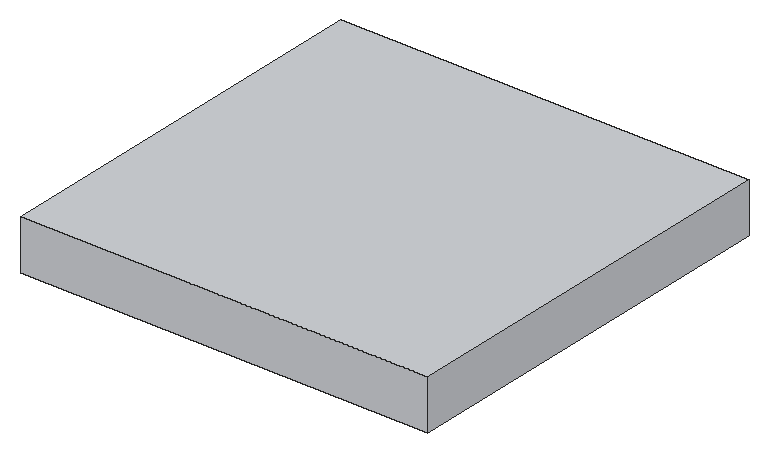
Revit family "TC - Base Wall Drop1.before-20261125-161906", category Data Devices, host Face, Revit 2024
Family settings
  Host = Face
  Round Connector Dimension = Use Diameter
  Part Type = Normal
  OmniClass Number = 23.85.50.17.11
  OmniClass Title = Computer Network Equipment
  Cut with Voids When Loaded = No
  Maintain Annotation Orientation = Yes
  Shared = Yes
  Room Calculation Point = No
Parameters (values of type "TD - 1 Port")
  TC Tagging Order [instance] = ""
  TC Label Quadrant [instance] = 0
  TC Auto Orient Version = 1
  TC Auto Orient [instance] = yes
  Symbol On/Off [instance] = yes
  Shade Right [instance] = # of Ports > 1  # no
  Shade Left [instance] = 1 = 0  # no
  Mounting Type [instance] = "Wall"
  IDF Room [instance] = ""
  Floor [instance] = ""
  Elevation Tag - Rotate [instance] = no
  Elevation Tag [instance] = yes
  Data Elevation [instance] = ""
  Cable ID Tag - Right Rotate [instance] = TC Label Quadrant = 3  # no
  Cable ID Tag - Right [instance] = TC Label Quadrant = 2  # no
  Cable ID Tag [instance] = TC Label Quadrant = 0  # yes
  Cable ID Tag - Rotate [instance] = TC Label Quadrant = 1  # no
  # of Ports Tag - Rotate [instance] = TC Label Quadrant = 1  # no
  # of Ports Tag - Left Rotate [instance] = TC Label Quadrant = 3  # no
  # of Ports Tag - Left [instance] = TC Label Quadrant = 2  # no
  # of Ports Tag [instance] = TC Label Quadrant = 0  # yes
  Faceplate Width = 0' - 2 1/2"
  Faceplate Height = 0' - 4"
  Faceplate Depth = 0' - 0 3/16"
  Description = ""
  Default Elevation = 1' - 6"
  Cable ID Suffix = "TD"
  Backbox Width = 0' - 4"
  Backbox Height = 0' - 4"
  Backbox Depth = 0' - 2"
  Assembly Code = ""
  # of Ports = 1
Types (15): name | Shade Right | Mounting Type | Elevation Tag - Rotate | Elevation Tag | Default Elevation | Cable ID Suffix | # of Ports
  TD - 1 Port | no | "Wall" | no | yes | 1' - 6" | "TD" | 1
  TD - 2 Port | yes | "Wall" | yes | no | 1' - 6" | "TD" | 2
  TD - 4 Port | yes | "Wall" | no | yes | 1' - 6" | "TD" | 4
  RS - 1 Port | no | "Wall" | yes | no | 1' - 6" | "RS" | 1
  AV - 1 Port | no | "Wall" | no | yes | 1' - 6" | "AV" | 1
  AV - 2 Port | yes | "Wall" | no | yes | 1' - 6" | "AV" | 2
  AC - 1 Port | no | "Wall" | no | yes | 1' - 6" | "AC" | 1
  AC - 2 Port | yes | "Wall" | no | yes | 1' - 6" | "AC" | 2
  AV - 4 Port | yes | "Wall" | no | yes | 7' - 6" | "AV" | 4
  TD - 3 Port | yes | "Wall" | no | yes | 1' - 6" | "TD" | 3
  P - 2 Drop | yes | "Wall" | yes | no | 1' - 6" | "P" | 2
  CAM 2 | no | "" | no | yes | 1' - 6" | "CM" | 1
  O 2 | no | "" | no | yes | 1' - 6" | "O" | 0
  AV 2 | no | "" | no | yes | 1' - 6" | "AV" | 0
  AC 2 | yes | "" | no | yes | 1' - 6" | "AC" | 2
Reference planes (in)
  plane 1 "Center (Front/Back)": y = 0
  plane 2: z = 0
  plane 3 "Center (Left/Right)": x = 0
  plane 4 "Left Inside": x = -2
  plane 5 "Right Inside": x = 2
  plane 6 "Top Inside": y = 2
  plane 7 "Bottom Inside": y = -2
  plane 8 "Left Outside": x = -1.25
  plane 9 "Right Outside": x = 1.25
  plane 10 "Top Outside": y = 2
  plane 11 "Bottom Outside": y = -2
  plane 12 "Front": z = 0.1875
  plane 13 "Back": z = -2
Forms (in)
  Extrusion 1, solid
    sketch origin (0, 0, 0) x (1, 0, 0) y (0, 1, 0)
      loop
        line (-49.63881, 48) -> (-49.63881, -48) -> (48, -48) -> (48, 48) -> (-49.63881, 48)
    from 0 to -12
  Extrusion 2, solid, not visible, detail levels fine
    sketch origin (0, 0, 0) x (1, 0, 0) y (0, 1, 0)
      loop
        line (-2, 2) -> (-2, -2) -> (2, -2) -> (2, 2) -> (-2, 2)
    from -0.13408 to -2
  Extrusion 3, solid, not visible, detail levels fine
    sketch origin (0, 0, 0) x (1, 0, 0) y (0, 1, 0)
      loop
        line (-1.25, 2) -> (-1.25, -2) -> (1.25, -2) -> (1.25, 2) -> (-1.25, 2)
    from 0 to 0.1875
  Extrusion 4, solid, detail levels medium
    sketch origin (0, 0, 0) x (1, 0, 0) y (0, 1, 0)
      loop
        line (-1.25, 2) -> (-1.25, -2) -> (1.25, -2) -> (1.25, 2) -> (-1.25, 2)
    from -0.13408 to 0
Lines and regions (in)
  symbolic lines, detail levels fine
    curve 1: line (-1.25, 0, 0) -> (1.25, 0, 0)
    curve 2: line (-1.25, 0, 0.1875) -> (-1.25, 0, 0)
    curve 3: line (1.25, 0, 0.1875) -> (-1.25, 0, 0.1875)
    curve 4: line (1.25, 0, 0) -> (1.25, 0, 0.1875)
Dimensions and locks (in)
  equal spacing: plane 4 "Left Inside", plane 3 "Center (Left/Right)", plane 5 "Right Inside"
  "Backbox Width": plane 4 "Left Inside" to plane 5 "Right Inside"
  equal spacing: plane 6 "Top Inside", plane 1 "Center (Front/Back)", plane 7 "Bottom Inside"
  "Backbox Height": plane 6 "Top Inside" to plane 7 "Bottom Inside"
  equal spacing: plane 8 "Left Outside", plane 3 "Center (Left/Right)", plane 9 "Right Outside"
  "Faceplate Width": plane 8 "Left Outside" to plane 9 "Right Outside"
  equal spacing: plane 10 "Top Outside", plane 1 "Center (Front/Back)", plane 11 "Bottom Outside"
  "Faceplate Height": plane 10 "Top Outside" to plane 11 "Bottom Outside"
  "Faceplate Depth": plane 12 "Front" to plane 2
  "Backbox Depth": plane 2 to plane 13 "Back"
  aligned and locked: plane 2 to Extrusion 1
  aligned and locked: level to Extrusion 1
  aligned and locked: plane 4 "Left Inside" to Extrusion 2 sketch curve
  aligned and locked: Extrusion 2 sketch curve to plane 6 "Top Inside"
  aligned and locked: plane 7 "Bottom Inside" to Extrusion 2 sketch curve
  aligned and locked: Extrusion 2 sketch curve to plane 5 "Right Inside"
  aligned and locked: Extrusion 2 to plane 13 "Back"
  aligned and locked: plane 8 "Left Outside" to Extrusion 3 sketch curve
  aligned and locked: Extrusion 3 sketch curve to plane 10 "Top Outside"
  aligned and locked: plane 11 "Bottom Outside" to Extrusion 3 sketch curve
  aligned and locked: Extrusion 3 sketch curve to plane 9 "Right Outside"
  aligned and locked: plane 12 "Front" to Extrusion 3
  aligned and locked: plane 8 "Left Outside" to curve 2
  aligned and locked: curve 4 to plane 9 "Right Outside"
  aligned and locked: plane 12 "Front" to curve 3
  aligned and locked: curve 1 to level
  aligned and locked: plane 8 "Left Outside" to curve 1
  aligned and locked: Extrusion 4 to plane 8 "Left Outside"
  aligned and locked: plane 6 "Top Inside" to Extrusion 4
  aligned and locked: Extrusion 2 to Extrusion 4
Automatic sketch dimensions
  Extrusion 1 sketch curve to Extrusion 1 sketch curve = 8' - 1.63881"
  Extrusion 1 sketch curve to Extrusion 1 sketch curve = 8' - 0"
  Extrusion 4 sketch curve to plane 8 "Left Outside" = 0' - 0"
  Extrusion 4 sketch curve to plane 9 "Right Outside" = 0' - 0"
  Extrusion 4 sketch curve to plane 7 "Bottom Inside" = 0' - 0"
  Extrusion 4 sketch curve to plane 6 "Top Inside" = 0' - 0"
Nested families (in)
  nested 1: "TC_WALL DROP SYMBOL" at (0, 0, 0), Cable ID Suffix <- "Cable ID Suffix", # of Ports <- "# of Ports", Elevation Tag <- "Elevation Tag", Elevation Tag - Rotate <- "Elevation Tag - Rotate", # of Ports Tag <- "# of Ports Tag", Cable ID Tag <- "Cable ID Tag", Cable ID Tag - Rotate <- "Cable ID Tag - Rotate", visible <- "Symbol On/Off", Shade Left <- "Shade Left", Shade Right <- "Shade Right", # of Ports Tag - Left <- "# of Ports Tag - Left", # of Ports Tag - Left Rotate <- "# of Ports Tag - Left Rotate", Cable ID Tag - Right <- "Cable ID Tag - Right", Cable ID Tag - Right Rotate <- "Cable ID Tag - Right Rotate", # of Ports Tag - Rotate <- "# of Ports Tag - Rotate", Data Elevation <- "Data Elevation", type "TC_WALL DROP SYMBOL"
    with Shade Right no, Shade Left no, Elevation Tag - Rotate no, Elevation Tag yes, Data Elevation "", Cable ID Tag - Rotate no, Cable ID Tag - Right Rotate no, Cable ID Tag - Right no, Cable ID Tag yes, Cable ID Suffix "TD", # of Ports Tag - Rotate no, # of Ports Tag - Left Rotate no, # of Ports Tag - Left no, # of Ports Tag yes, # of Ports 1
Connectors (in)
  electrical at (0, 2, -1.06704)
    settings: on Extrusion 2, index 1, voltage 0 V, apparent load 0 VA, apparent load phase1 0 VA, apparent load phase2 0 VA, apparent load phase3 0 VA, power factor 0, load classification "Other", number of poles 1, system type 5, power factor state 1, is connector primary yes, connector utility no, sub classification motor no, connector description ""
Definition of nested family "TC_WALL DROP SYMBOL"
  Parameters (values of type "TC_WALL DROP SYMBOL")
    Shade Right [instance] = yes
    Shade Left [instance] = no
    Elevation Tag - Rotate [instance] = no
    Elevation Tag [instance] = no
    Data Elevation [instance] = ""
    Cable ID Tag - Rotate [instance] = no
    Cable ID Tag - Right Rotate [instance] = no
    Cable ID Tag - Right [instance] = no
    Cable ID Tag [instance] = yes
    Cable ID Suffix [instance] = ""
    # of Ports Tag - Rotate [instance] = no
    # of Ports Tag - Left Rotate [instance] = no
    # of Ports Tag - Left [instance] = no
    # of Ports Tag [instance] = yes
    # of Ports [instance] = 0
  Reference planes (in)
    plane 1: y = 0
    plane 2: x = 0
  Lines and regions (in)
    Filled region 1, type "Solid Black", visible <- "Shade Right"
      outline origin (0, 0, 0) x (1, 0, 0) y (0, 1, 0)
        loop
          line (0, 0) -> (0.07679, 0.133) -> (0, 0.133) -> (0, 0)
    Filled region 2, type "Solid Black", visible <- "Shade Left"
      outline origin (0, 0, 0) x (1, 0, 0) y (0, 1, 0)
        loop
          line (0, 0) -> (0, 0.133) -> (-0.07679, 0.133) -> (0, 0)
    detail lines
      curve 1: line (-0.07679, 0.133, 0) -> (0.07679, 0.133, 0)
      curve 2: line (0.07679, 0.133, 0) -> (0, 0, 0)
      curve 3: line (-0.07679, 0.133, 0) -> (0, 0, 0)
      curve 4: line (-0.06693, 0, 0) -> (0.06693, 0, 0)
  Text (in)
    label "#" at (0.06898, 0.2146, 0), shows "# of Ports", visible <- "# of Ports Tag"
    label "ID" at (-0.03732, 0.2146, 0), shows "Cable ID Suffix", visible <- "Cable ID Tag"
    label "#" at (0.1093, 0.19382, 0), shows "# of Ports", visible <- "# of Ports Tag - Rotate"
    label "ID" at (-0.08666, 0.26602, 0), shows "Cable ID Suffix", visible <- "Cable ID Tag - Rotate"
    label "Data Elevation" at (0.17412, -0.12459, 0), shows "Data Elevation", visible <- "Elevation Tag - Rotate"
    label "Data Elevation" at (0.083, -0.04006, 0), shows "Data Elevation", visible <- "Elevation Tag"
    label "ID" at (0.06845, 0.2146, 0), shows "Cable ID Suffix", visible <- "Cable ID Tag - Right"
    label "ID" at (0.10866, 0.26602, 0), shows "Cable ID Suffix", visible <- "Cable ID Tag - Right Rotate"
    label "#" at (-0.1204, 0.2146, 0), shows "# of Ports", visible <- "# of Ports Tag - Left"
    label "#" at (-0.08009, 0.19382, 0), shows "# of Ports", visible <- "# of Ports Tag - Left Rotate"
